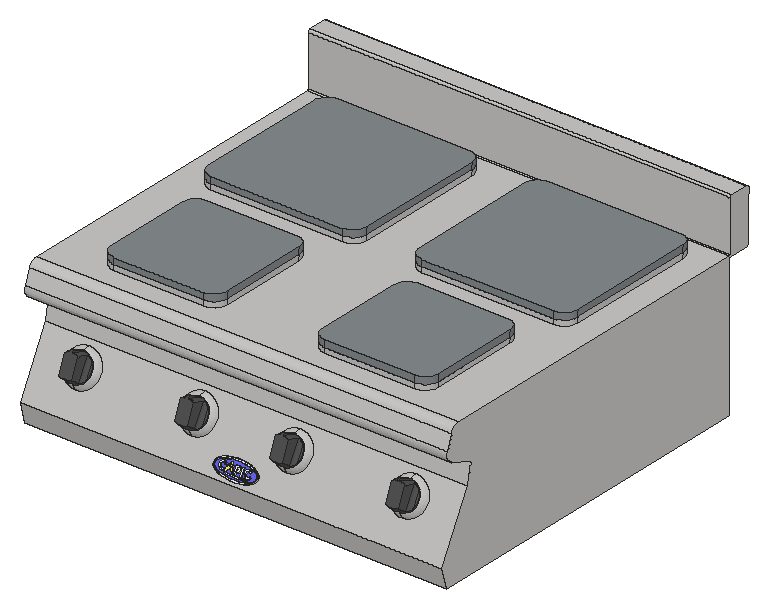
Revit family "QF_CAPIC_AVEN_W540311", category Equipement spécialisé, Revit 2018
Family settings
  Cote de connecteur circulaire = Utiliser le diamètre
  Type d'élément = Normal
  Numéro OmniClass = 23.40.40.14
  Titre OmniClass = Food Service Equipment
  Basée sur le plan de construction = Non
  Toujours verticalement = Oui
  Couper avec des vides une fois chargée = Non
  Partagée = Non
  Point de calcul de pièce = Non
Parameters (values of type "800 x 725 x 270 mm")
  URL catalogue = "http://www.capic-fr.com/fr/"
  Type de Raccord Plomberie [instance] = ""
  Type de Raccord Electrique [instance] = "Bornier interne"
  Type de Gaz = ""
  Type article [instance] = ""
  Tension = 400 V
  Spécification du Fabricant = ""
  Show Logo = yes
  Remarques evacuation [instance] = ""
  Remarques Plomberie [instance] = ""
  Remarques Electricité [instance] = "400Vx3 +T+N"
  Puissance électrique  = 13200 W
  Puissance Gaz kW = 0
  Profondeur hors tout = 725 mm
  Pression Maximum Eau Adoucie = 0.0 Pa
  Poids net à vide = 89.00 kg
  Phase = 0
  Modèle = "W540311"
  Longueur hors tout = 800 mm
  Intensité nominale = 0 A
  Hauteur hors tout = 390 mm
  Hauteur de Raccordement du Sol Finis = 0 mm
  Hauteur de Raccordement Gaz du Sol Finis = 0 mm
  Hauteur de Raccordement Evacuation Directe du Sol Finis = 0 mm
  Hauteur de Raccordement Eau Froide du Sol Finis = 0 mm
  Hauteur de Raccordement Eau Chaude du Sol Finis = 0 mm
  Hauteur de Raccordement Eau Adoucie du Sol Finis = 0 mm
  Fréquence = 50 Hz
  Fabricant = "CAPIC"
  Débit d'air d'extraction = 0.0 m³/h
  Débit Gaz = 0.0 L/s
  Débit Eau Froide = 0.0 L/s
  Débit Eau Chaude = 0.0 L/s
  Débit Eau Adoucie = 0.0 L/s
  Diamètre de Raccordement Gaz = 0 mm
  Diamètre de Raccordement Evacuation = 0 mm
  Diamètre de Raccordement Eau Froide = 0 mm
  Diamètre de Raccordement Eau Chaude = 0 mm
  Diamètre de Raccordement Eau Adoucie = 0 mm
  Description = "4 Plaques electriques"
  Assembly Code = ""
  Classification  Omniclass nombre et titre = "23.40.40.14"
Reference planes
  plane 1 "Centre (avant/arrière)": y = 0
  plane 2: z = 0
  plane 3 "Centre (gauche/droite)": x = 0
  plane 4: x = 800
Forms (mm)
  Extrusion 1, solid, material "QF_Stainless Steel-Brushed"
    sketch origin (0, -45.05, 638) x (0, 1, 0) y (0, 0, 1)
      loop
        line (1.05, 270.397) -> (-641.347, 270.397)
        arc (-641.347, 270.397) -> (-651.671, 267.142) -> (-658.261, 258.553) r 18
        line (-658.261, 258.553) -> (-667.837, 232.245)
        arc (-667.837, 232.245) -> (-667.236, 218.482) -> (-657.078, 209.174) r 18
        line (-657.078, 209.174) -> (-613.251, 193.222) -> (-619.754, 152.161) -> (-680.074, 38.717) -> (-668.972, 0) -> (0, 0) -> (0, 268.397) -> (42.05, 268.397) -> (44.05, 270.397) -> (44.05, 356.397) -> (45.05, 356.397) -> (45.05, 368.397)
        arc (45.05, 368.397) -> (43.878, 371.225) -> (41.05, 372.397) r 4
        line (41.05, 372.397) -> (7.05, 372.397)
        arc (7.05, 372.397) -> (4.222, 371.225) -> (3.05, 368.397) r 4
        line (3.05, 368.397) -> (3.05, 272.397)
        arc (3.05, 272.397) -> (2.464, 270.983) -> (1.05, 270.397) r 2
    from 0 to 800
Dimensions and locks
  "Longueur hors tout": plane 3 "Centre (gauche/droite)" to plane 4
  aligned and locked: level to plane 2
  aligned and locked: plane 4 to Extrusion 1
  aligned and locked: Extrusion 1 to plane 3 "Centre (gauche/droite)"
Automatic sketch dimensions
  level to Extrusion 1 sketch curve = 638 mm
  plane 1 "Centre (avant/arrière)" to Extrusion 1 sketch curve = 45.05 mm
  level to Extrusion 1 sketch curve = 831.222 mm
  plane 1 "Centre (avant/arrière)" to Extrusion 1 sketch curve = 658.301 mm
  level to Extrusion 1 sketch curve = 790.161 mm
  Extrusion 1 sketch curve to Extrusion 1 sketch curve = 6.503 mm
  Extrusion 1 sketch curve to Extrusion 1 sketch curve = 28.096 mm
  Extrusion 1 sketch curve to Extrusion 1 sketch curve = 9.575 mm
  level to Extrusion 1 sketch curve = 847.174 mm
  Extrusion 1 sketch curve to Extrusion 1 sketch curve = 6.156 mm  (x2)
  level to Extrusion 1 sketch curve = 896.553 mm
  Extrusion 1 sketch curve to Extrusion 1 sketch curve = 16.914 mm  (x2)
  level to Extrusion 1 sketch curve = 870.245 mm
  Extrusion 1 sketch curve to Extrusion 1 sketch curve = 49.218 mm
  level to Extrusion 1 sketch curve = 676.717 mm
  Extrusion 1 sketch curve to Extrusion 1 sketch curve = 11.102 mm
  plane 1 "Centre (avant/arrière)" to Extrusion 1 sketch curve = 44 mm
  plane 1 "Centre (avant/arrière)" to Extrusion 1 sketch curve = 42 mm
  Extrusion 1 sketch curve to Extrusion 1 sketch curve = 4 mm  (x2)
  Extrusion 1 sketch curve to Extrusion 1 sketch curve = 34 mm
  Extrusion 1 sketch curve to Extrusion 1 sketch curve = 39 mm
  Extrusion 1 sketch curve to Extrusion 1 sketch curve = 3 mm
  Extrusion 1 sketch curve to Extrusion 1 sketch curve = 1 mm
  Extrusion 1 sketch curve to Extrusion 1 sketch curve = 2 mm
  Extrusion 1 sketch curve to Extrusion 1 sketch curve = 86 mm
  Extrusion 1 sketch curve to Extrusion 1 sketch curve = 12 mm
Nested families
  nested 1: "QF_Details_LogoCapic" at (400, -713.73, 698.145) x (1, 0, 0) z (0, -0.8829, 0.4695), visible <- "Show Logo", type "QF_Details_LogoCapic"
  nested 2: "QF_Details_PEF220" at (90, -427, 7.946), type "QF_Details_PEF220"
  nested 3: "QF_Details_PEF300" at (50, -67, 7.946), type "QF_Details_PEF300"
  nested 4: "QF_Details_BoutonCde_face" at (90, -685.811, 750.653) x (1, 0, 0) z (0, -0.8829, 0.4695), type "QF_Details_BoutonCde_face"
  nested 5: "QF_Details_BoutonCde_face" at (310, -685.811, 750.653) x (1, 0, 0) z (0, -0.8829, 0.4695), type "QF_Details_BoutonCde_face"
  nested 6: "QF_Details_PEF220" at (490, -427, 7.946), type "QF_Details_PEF220"
  nested 7: "QF_Details_PEF300" at (450, -67, 7.946), type "QF_Details_PEF300"
  nested 8: "QF_Details_BoutonCde_face" at (490, -685.811, 750.653) x (1, 0, 0) z (0, -0.8829, 0.4695), type "QF_Details_BoutonCde_face"
  nested 9: "QF_Details_BoutonCde_face" at (710, -685.811, 750.653) x (1, 0, 0) z (0, -0.8829, 0.4695), type "QF_Details_BoutonCde_face"
Definition of nested family "QF_Details_LogoCapic"
  Parameters (values of type "QF_Details_LogoCapic")
    Default Elevation = 1219.2 mm
  Reference planes
    plane 1 "Centre (avant/arrière)": y = 0
    plane 2: z = 0
    plane 3 "Centre (gauche/droite)": x = 0
  Forms (mm)
    Extrusion 1, solid
      sketch origin (0, 0, 0) x (1, 0, 0) y (0, 1, 0)
        loop
          line (-1219.2, 1219.2) -> (-1219.2, -1219.2) -> (1219.2, -1219.2) -> (1219.2, 1219.2) -> (-1219.2, 1219.2)
      from 0 to -304.8
    Extrusion 2, solid
      sketch origin (0, 0, 0) x (1, 0, 0) y (0, 1, 0)
        loop
          spline (42.486, 0) -> (41.038, 4.53) -> (36.793, 8.751) -> (30.041, 12.376) -> (21.24, 15.157) -> (10.992, 16.906) -> (-0.005, 17.502) -> (-11.003, 16.906) -> (-21.251, 15.157) -> (-30.051, 12.376) -> (-36.804, 8.751) -> (-41.048, 4.53) -> (-42.496, 0)
          spline (-42.496, 0) -> (-41.048, -4.53) -> (-36.804, -8.751) -> (-30.051, -12.376) -> (-21.251, -15.157) -> (-11.003, -16.906) -> (-0.005, -17.502) -> (10.992, -16.906) -> (21.24, -15.157) -> (30.041, -12.376) -> (36.793, -8.751) -> (41.038, -4.53) -> (42.486, 0)
        loop
          spline (40.459, 0) -> (39.08, 4.005) -> (35.038, 7.737) -> (28.607, 10.942) -> (20.227, 13.401) -> (10.468, 14.947) -> (-0.005, 15.474) -> (-10.478, 14.947) -> (-20.237, 13.401) -> (-28.618, 10.942) -> (-35.048, 7.737) -> (-39.091, 4.005) -> (-40.47, 0)
          spline (-40.47, 0) -> (-39.091, -4.005) -> (-35.048, -7.737) -> (-28.618, -10.942) -> (-20.237, -13.401) -> (-10.478, -14.947) -> (-0.005, -15.474) -> (10.468, -14.947) -> (20.227, -13.401) -> (28.607, -10.942) -> (35.038, -7.737) -> (39.08, -4.005) -> (40.459, 0)
      from 0 to 1
    Extrusion 3, solid
      sketch origin (0, 0, 0) x (1, 0, 0) y (0, 1, 0)
        loop
          spline (-40.47, 0) -> (-39.085, -4.012) -> (-35.047, -7.734) -> (-28.617, -10.941) -> (-20.237, -13.401) -> (-10.478, -14.946) -> (-0.005, -15.474) -> (10.468, -14.947) -> (20.227, -13.401) -> (28.606, -10.942) -> (35.038, -7.737) -> (39.081, -4.004) -> (40.459, 0)
          spline (40.459, 0) -> (39.075, 4.012) -> (35.037, 7.734) -> (28.607, 10.941) -> (20.227, 13.401) -> (10.467, 14.946) -> (-0.005, 15.474) -> (-10.478, 14.947) -> (-20.237, 13.401) -> (-28.617, 10.942) -> (-35.048, 7.737) -> (-39.091, 4.004) -> (-40.47, 0)
      from 0 to 1
    Extrusion 4, solid
      sketch origin (0, 0, 0.5) x (1, 0, 0) y (0, 1, 0)
        loop
          line (-20.944, 3.897) -> (-18.992, 5.849)
          arc (-18.992, 5.849) -> (-30.967, 0.712) -> (-18.902, -4.211) r 7.063
          line (-18.902, -4.211) -> (-20.854, -2.259)
          arc (-20.854, -2.259) -> (-28.207, 0.712) -> (-20.944, 3.897) r 4.303
      from 0 to 1
    Extrusion 5, solid
      sketch origin (0, 0, 0.5) x (1, 0, 0) y (0, 1, 0)
        loop
          line (-1.061, 7.837) -> (-1.061, -6.288) -> (1.738, -6.288) -> (1.738, -2.065) -> (4.782, -2.065)
          spline (4.782, -2.065) -> (5.836, -1.896) -> (6.819, -1.402) -> (7.663, -0.615) -> (8.311, 0.411) -> (8.718, 1.605) -> (8.856, 2.886) -> (8.718, 4.168) -> (8.311, 5.362) -> (7.663, 6.387) -> (6.819, 7.174) -> (5.836, 7.669) -> (4.782, 7.837)
          line (4.782, 7.837) -> (-1.061, 7.837)
        loop
          line (1.738, 5.077) -> (1.738, 0.775) -> (4.418, 0.775)
          spline (4.418, 0.775) -> (4.819, 0.848) -> (5.193, 1.063) -> (5.514, 1.405) -> (5.761, 1.85) -> (5.916, 2.369) -> (5.969, 2.926) -> (5.916, 3.483) -> (5.761, 4.002) -> (5.514, 4.447) -> (5.193, 4.789) -> (4.819, 5.004) -> (4.418, 5.077)
          line (4.418, 5.077) -> (1.738, 5.077)
      from 0 to 1
    Extrusion 6, solid
      sketch origin (0, 0, 0.5) x (1, 0, 0) y (0, 1, 0)
        loop
          line (11.122, 7.837) -> (11.122, -6.288) -> (14.009, -6.288) -> (14.009, 7.837) -> (11.122, 7.837)
      from 0 to 1
    Extrusion 7, solid
      sketch origin (47.835, 0, 0.5) x (1, 0, 0) y (0, 1, 0)
        loop
          line (-20.944, 3.897) -> (-18.992, 5.849)
          arc (-18.992, 5.849) -> (-30.967, 0.712) -> (-18.902, -4.211) r 7.063
          line (-18.902, -4.211) -> (-20.854, -2.259)
          arc (-20.854, -2.259) -> (-28.207, 0.712) -> (-20.944, 3.897) r 4.303
      from 0 to 1
    Extrusion 8, solid
      sketch origin (0, 0, 0.5) x (1, 0, 0) y (0, 1, 0)
        loop
          line (-14.086, -8.467) -> (-14.086, -10.703) -> (-0.382, -10.703) -> (-0.382, -8.467) -> (-14.086, -8.467)
        loop
          line (1.692, -7.694) -> (1.692, -10.703) -> (10.598, -10.703) -> (10.598, -7.694) -> (1.692, -7.694)
        loop
          circle (14.095, -9.117) r 1.311
        loop
          circle (18.365, -9.117) r 1.311
        loop
          circle (22.635, -9.117) r 1.311
      from 0 to 1
    Extrusion 9, solid
      sketch origin (0, 0, 0.5) x (1, 0, 0) y (0, 1, 0)
        loop
          arc (-10.078, 10.027) -> (-16.152, 0.742) -> (-18.987, -9.985) r 34.734
          arc (-18.987, -9.985) -> (-13.545, -2.96) -> (-7.054, 3.109) r 55.667
          line (-7.054, 3.109) -> (-10.078, 10.027)
        loop
          line (-10.891, 5.813) -> (-12.476, 3.068) -> (-9.306, 3.068) -> (-10.891, 5.813)
      from 0 to 1
    Extrusion 10, solid
      sketch origin (0, 0, 0.5) x (1, 0, 0) y (0, 1, 0)
        loop
          line (-17.978, 3.413) -> (-16.228, 2.092) -> (-14.209, 5.589) -> (-17.978, 3.413)
        loop
          line (-7.246, 5.196) -> (-6.474, 3.433) -> (-3.608, 5.838) -> (-7.246, 5.196)
        loop
          line (-10.905, -1.415) -> (-2.534, -6.652) -> (-6.862, 2.629) -> (-10.905, -1.415)
      from 0 to 1
  Dimensions and locks
    aligned and locked: plane 2 to Extrusion 1
    aligned and locked: level to Extrusion 1
Definition of nested family "QF_Details_PEF220"
  Reference planes
    plane 1 "Centre (avant/arrière)": y = 0
    plane 2: z = 0
    plane 3 "Centre (gauche/droite)": x = 0
    plane 4: y = -220
    plane 5: x = 220
    plane 6: z = 900
    plane 7: z = 910
    plane 8: z = 922.5
  Forms (mm)
    Extrusion 1, solid
      sketch origin (0, 0, 0) x (1, 0, 0) y (0, 1, 0)
        loop
          arc (25, 0) -> (7.322, -7.322) -> (0, -25) r 25
          line (0, -25) -> (0, -195)
          arc (0, -195) -> (7.322, -212.678) -> (25, -220) r 25
          line (25, -220) -> (195, -220)
          arc (195, -220) -> (212.678, -212.678) -> (220, -195) r 25
          line (220, -195) -> (220, -25)
          arc (220, -25) -> (212.678, -7.322) -> (195, 0) r 25
          line (195, 0) -> (25, 0)
      from 910 to 922.5
    Extrusion 2, solid
      sketch origin (0, 0, 0) x (1, 0, 0) y (0, 1, 0)
        loop
          arc (25, 0) -> (7.322, -7.322) -> (0, -25) r 25
          line (0, -25) -> (0, -195)
          arc (0, -195) -> (7.322, -212.678) -> (25, -220) r 25
          line (25, -220) -> (195, -220)
          arc (195, -220) -> (212.678, -212.678) -> (220, -195) r 25
          line (220, -195) -> (220, -25)
          arc (220, -25) -> (212.678, -7.322) -> (195, 0) r 25
          line (195, 0) -> (25, 0)
      from 900 to 910
  Dimensions and locks
    locked: plane 6 to level at 900
    locked: plane 7 to plane 6 at 10
    locked: plane 8 to plane 7 at 12.5
    locked: plane 3 "Centre (gauche/droite)" to plane 5 at 220
    locked: plane 4 to plane 1 "Centre (avant/arrière)" at 220
    aligned and locked: level to plane 2
    aligned and locked: plane 1 "Centre (avant/arrière)" to Extrusion 1 sketch curve
    aligned and locked: plane 3 "Centre (gauche/droite)" to Extrusion 1 sketch curve
    aligned and locked: plane 4 to Extrusion 1 sketch curve
    aligned and locked: Extrusion 1 sketch curve to plane 5
    aligned and locked: plane 8 to Extrusion 1
    aligned and locked: Extrusion 1 to plane 7
    aligned and locked: plane 1 "Centre (avant/arrière)" to Extrusion 2 sketch curve
    aligned and locked: plane 3 "Centre (gauche/droite)" to Extrusion 2 sketch curve
    aligned and locked: plane 4 to Extrusion 2 sketch curve
    aligned and locked: Extrusion 2 sketch curve to plane 5
    aligned and locked: plane 7 to Extrusion 2
    aligned and locked: Extrusion 2 to plane 6
Definition of nested family "QF_Details_PEF300"
  Reference planes
    plane 1 "Centre (avant/arrière)": y = 0
    plane 2: z = 0
    plane 3 "Centre (gauche/droite)": x = 0
    plane 4: y = -300
    plane 5: x = 300
    plane 6: z = 900
    plane 7: z = 910
    plane 8: z = 922.5
  Forms (mm)
    Extrusion 1, solid
      sketch origin (0, 0, 0) x (1, 0, 0) y (0, 1, 0)
        loop
          arc (25, 0) -> (7.322, -7.322) -> (0, -25) r 25
          line (0, -25) -> (0, -275)
          arc (0, -275) -> (7.322, -292.678) -> (25, -300) r 25
          line (25, -300) -> (275, -300)
          arc (275, -300) -> (292.678, -292.678) -> (300, -275) r 25
          line (300, -275) -> (300, -25)
          arc (300, -25) -> (292.678, -7.322) -> (275, 0) r 25
          line (275, 0) -> (25, 0)
      from 910 to 922.5
    Extrusion 2, solid
      sketch origin (0, 0, 0) x (1, 0, 0) y (0, 1, 0)
        loop
          arc (25, 0) -> (7.322, -7.322) -> (0, -25) r 25
          line (0, -25) -> (0, -275)
          arc (0, -275) -> (7.322, -292.678) -> (25, -300) r 25
          line (25, -300) -> (275, -300)
          arc (275, -300) -> (292.678, -292.678) -> (300, -275) r 25
          line (300, -275) -> (300, -25)
          arc (300, -25) -> (292.678, -7.322) -> (275, 0) r 25
          line (275, 0) -> (25, 0)
      from 900 to 910
  Dimensions and locks
    locked: plane 3 "Centre (gauche/droite)" to plane 5 at 300
    locked: plane 4 to plane 1 "Centre (avant/arrière)" at 300
    locked: plane 6 to level at 900
    locked: plane 7 to plane 6 at 10
    locked: plane 8 to plane 7 at 12.5
    aligned and locked: level to plane 2
    aligned and locked: plane 1 "Centre (avant/arrière)" to Extrusion 1 sketch curve
    aligned and locked: plane 3 "Centre (gauche/droite)" to Extrusion 1 sketch curve
    aligned and locked: plane 4 to Extrusion 1 sketch curve
    aligned and locked: Extrusion 1 sketch curve to plane 5
    aligned and locked: plane 8 to Extrusion 1
    aligned and locked: Extrusion 1 to plane 7
    aligned and locked: plane 1 "Centre (avant/arrière)" to Extrusion 2 sketch curve
    aligned and locked: plane 3 "Centre (gauche/droite)" to Extrusion 2 sketch curve
    aligned and locked: plane 4 to Extrusion 2 sketch curve
    aligned and locked: Extrusion 2 sketch curve to plane 5
    aligned and locked: plane 7 to Extrusion 2
    aligned and locked: Extrusion 2 to plane 6
Definition of nested family "QF_Details_BoutonCde_face"
  Parameters (values of type "QF_Details_BoutonCde_face")
    Default Elevation = 1219.2 mm
  Reference planes
    plane 1 "Centre (avant/arrière)": y = 0
    plane 2: z = 0
    plane 3 "Centre (gauche/droite)": x = 0
  Forms (mm)
    Extrusion 1, solid
      sketch origin (0, 0, 0) x (1, 0, 0) y (0, 1, 0)
        loop
          line (-1219.2, 1219.2) -> (-1219.2, -1219.2) -> (1219.2, -1219.2) -> (1219.2, 1219.2) -> (-1219.2, 1219.2)
      from 0 to -304.8
    Revolve 2, solid
      sketch origin (0, -424.122, 22.212) x (0, 0, -1) y (0, 1, 0)
        loop
          arc (5.871, 449.971) -> (-8.423, 448.326) -> (-22.417, 444.983) r 120.076
          line (-22.417, 444.983) -> (-22.417, 424.125) -> (5.871, 424.125) -> (5.871, 449.971)
        axis (5.871, 424.125) -> (-22.417, 424.125)
      angle from 0 to 360
    Extrusion 3, void
      sketch origin (0, -424.122, 22.212) x (1, 0, 0) y (0, 0, -1)
        loop
          line (-20.046, 5.019) -> (-26.533, 5.019) -> (-26.533, -26.12) -> (-11.799, -26.12) -> (-12.009, -22.113) -> (-13.084, -1.588)
          arc (-13.084, -1.588) -> (-15.247, 3.104) -> (-20.046, 5.019) r 6.971
      from 398.385 to 449.971
    Extrusion 4, void
      sketch origin (0, -424.122, 22.212) x (-1, 0, 0) y (0, 0, 1)
        loop
          arc (-20.046, -5.019) -> (-15.247, -3.104) -> (-13.084, 1.588) r 6.971
          line (-13.084, 1.588) -> (-12.009, 22.113) -> (-11.799, 26.12) -> (-26.533, 26.12) -> (-26.533, -5.019) -> (-20.046, -5.019)
      from 398.385 to 449.971
    Extrusion 5, solid
      sketch origin (0, -424.122, 22.212) x (1, 0, 0) y (0, 1, 0)
        loop
          line (-1.769, 450.075) -> (-1.769, 444.575) -> (1.769, 444.575) -> (1.769, 450.075) -> (-1.769, 450.075)
      from -5.871 to 22.417
    Revolve 6, solid
      sketch origin (0, -424.122, 22.212) x (0, 0, -1) y (0, 1, 0)
        loop
          arc (17.212, 458.76) -> (10.984, 455.085) -> (5.871, 449.971) r 28.739
          line (5.871, 449.971) -> (5.871, 424.122) -> (17.212, 424.122) -> (17.212, 458.76)
        axis (17.212, 424.122) -> (5.871, 424.122)
      angle from 0 to 360
    Extrusion 7, void
      sketch origin (0, -597.063, -962.31) x (0, 0.156434, -0.987688) y (0, 0.987688, 0.156434)
        loop
          line (-897.081, 772.866) -> (-914.868, 772.866) -> (-914.868, 714.91) -> (-901.134, 714.91) -> (-897.081, 772.866)
      from -22.625 to 23.018
  Cuts and joins
    Extrusion 3, Extrusion 4, Extrusion 7 cuts Revolve 2
    Extrusion 7 cuts Extrusion 5
    joined: Revolve 2, Extrusion 5
  Dimensions and locks
    aligned and locked: plane 2 to Extrusion 1
    aligned and locked: level to Extrusion 1
